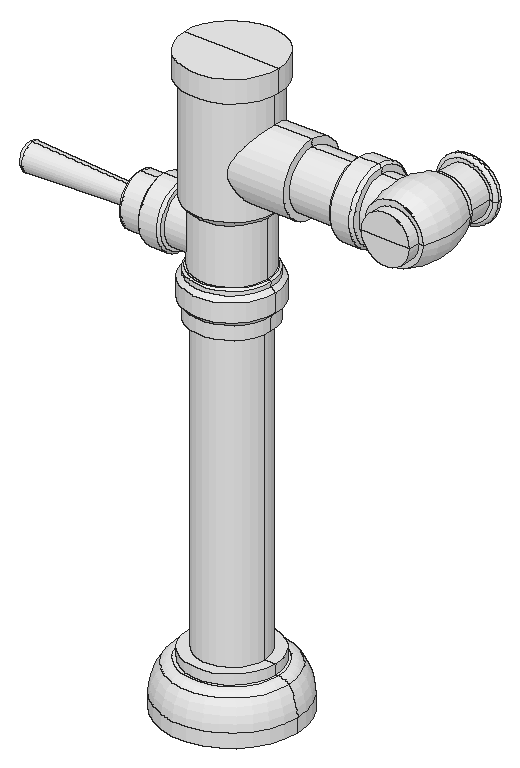
Revit family "Flush_Valve-Toilet-American_Standard-Ultima-6047_Series", category Plumbing Fixtures, Revit 2019
Family settings
  Round Connector Dimension = Use Radius
  Part Type = Normal
  OmniClass Number = 23.65.70.00
  OmniClass Title = Terminals for Supplied Liquids and Gases
  Work Plane-Based = Yes
  Always vertical = No
  Cut with Voids When Loaded = No
  Shared = Yes
  Room Calculation Point = No
Parameters (values of type "6047111.002")
  Width = 5 1/4"  # constant formula
  Waste Connection = no
  Warranty Information = "1 Year Limited Warranty"
  WFU = 5  # constant formula
  Vent Connection = no
  Valve to Wall Distance Constraint = 1 1/2"
  Valve to Wall Distance = if(Valve to Wall Distance Constraint < 1 1/2", 1 1/2", if(Valve to Wall Distance Constraint > 5", 5", Valve to Wall Distance Constraint))  # 1 1/2"
  URL = "http://www.americanstandard-us.com/"
  Type Comments = "Flush Valve for 11-1/2\" Supply C\\L to top of bowl, 1.1 gpf / 4.2 Lpf"
  Revised Date = "03/21/2022"  # constant formula
  Product Page URL = "https://www.americanstandard-us.com/Manual-Flush-Valves-Sanitary-Systems/Ultima-Manual-Toilet-Flush-Valve-Piston-Type-11-gpf-42-Lpf/CHROME-6047111002"
  Product Documentation Link = "https://americanstandard.box.com/shared/static/pgivi216pufsti20l4s3t0vgxcwu23tn.pdf"
  Price = "Prices may vary. Please consult Manufacturer Representative for most up-to-date price list."  # constant formula
  Operating Pressure = "25 psi (flowing)-80 psi (static)"  # constant formula
  Model = "6047111.002"
  Material = "Metal-American Standard-002-Polished Chrome"
  Manufacturer = "American Standard"
  Length = 3"  # constant formula
  Installation Type = "Surface Mounted"
  IAPMO Compliance = "ANSI/ASME A112.19.2,  ASSE 1037, Watersense"
  Height = 13 1/2"  # constant formula
  HWFU = 0  # constant formula
  HW Connection = no
  Flush Rate = "1.1 gpf / 4.2 Lpf"
  Flow Rates = "25gpm (94.6 L/min.)"  # constant formula
  Finish = Metal-American Standard-002-Polished Chrome
  Description = "Ultima™ Manual Toilet Flush Valve, Piston-Type, 1.1 gpf/4.2 Lpf"
  Default Elevation = 0"
  Creation Date = "04/16/2014"  # constant formula
  Cold Water Connection Width Constraint = 4 1/4"
  Cold Water Connection Width = if(Cold Water Connection Width Constraint < 4 1/4", 4 1/4", if(Cold Water Connection Width Constraint > 5 1/4", 5 1/4", Cold Water Connection Width Constraint))  # 4 1/4"
  Cold Water Connection Radius = 1/2"
  Cold Water Connection Height = 11 1/2"
  Cold Water Connection Diameter = Cold Water Connection Radius * 2  # 1"
  CalGreen Compliant = yes
  CWFU = 5  # constant formula
  CW Connection = yes
  Assembly Code = "D2020300"
  ADA Compliant = yes
Types (4): name | Type Comments | Product Page URL | Model | IAPMO Compliance | Flush Rate | Description
  (no name) | "Flush Valve for 11-1/2\" Supply C\\L to top of bowl, 1.1 gpf / 4.2 Lpf" | "https://www.americanstandard-us.com/Manual-Flush-Valves-Sanitary-Systems/Ultima-Manual-Toilet-Flush-Valve-Piston-Type-11-gpf-42-Lpf/CHROME-6047111002" | "6047111.002" | "ANSI/ASME A112.19.2,  ASSE 1037, Watersense" | "1.1 gpf / 4.2 Lpf" | "Ultima™ Manual Toilet Flush Valve, Piston-Type, 1.1 gpf/4.2 Lpf"
  6047161.002 | "Flush Valve for 11-1/2\" Supply C\\L to top of bowl, 1.6 gpf / 6.0 Lpf" | "https://www.americanstandard-us.com/Manual-Flush-Valves-Sanitary-Systems/Ultima-Manual-Toilet-Flush-Valve-Piston-Type-16-gpf-60-Lpf/CHROME-6047161002" | "6047161.002" | "ANSI/ASME A112.19.2,  ASSE 1037" | "1.6 gpf / 6.0 Lpf" | "Exposed Manual Top Spud Toilet 1.6 gpf Flush Valve for 11-1/2\" Supply C\\L to top of bowl"
  6047121.002 | "Flush Valve for 11-1/2\" Supply C\\L to top of bowl, 1.28 gpf / 4.8 Lpf\r\nfor most plumbing fixtures." | "https://www.americanstandard-us.com/Manual-Flush-Valves-Sanitary-Systems/Ultima-Manual-Toilet-Flush-Valve-Piston-Type-128-gpf-48-Lpf/CHROME-6047121002" | "6047121.002" | "ANSI/ASME A112.19.2,  ASSE 1037, Watersense" | "1.28 gpf / 4.8 Lpf" | "Exposed Manual Top Spud Toilet 1.28 gpf Flush Valve for 11-1/2\" Supply C\\L to top of bowl 1.28gpf"
  6047111.002 | "Flush Valve for 11-1/2\" Supply C\\L to top of bowl, 1.1 gpf / 4.2 Lpf" | "https://www.americanstandard-us.com/Manual-Flush-Valves-Sanitary-Systems/Ultima-Manual-Toilet-Flush-Valve-Piston-Type-11-gpf-42-Lpf/CHROME-6047111002" | "6047111.002" | "ANSI/ASME A112.19.2,  ASSE 1037, Watersense" | "1.1 gpf / 4.2 Lpf" | "Ultima™ Manual Toilet Flush Valve, Piston-Type, 1.1 gpf/4.2 Lpf"
Reference planes (in)
  plane 1 "Center (Front/Back)": y = -1.78125
  plane 2: z = 0
  plane 3 "Center (Left/Right)": x = 0
  plane 4 "Valve Height": z = 11.5
  plane 5 "Right": x = 4.25
  plane 6 "Finished Floor": y = -0.28125
  plane 7: x = -0.75
  plane 8: x = 0.75
  plane 9: z = 13.5
  plane 10: z = 9.70145
  plane 11: y = -2.68871
  plane 12: y = -2.43871
  plane 13: y = -1.12377
  plane 14: y = -0.98791
  plane 15: y = -3.28125
Forms (in)
  Revolve 1, solid, material "Metal-American Standard-002-Polished Chrome" <- "Finish"
    sketch origin (0, -1.78125, 0) x (1, 0, 0) y (0, 0, -1)
      loop
        line (0, 0) -> (0, -13.5) -> (1.08292, -13.5) -> (1.08292, -13) -> (0.97283, -13) -> (0.97283, -10.5) -> (0.82145, -10.34862) -> (0.82145, -9.08963) -> (0.85876, -9.08963) -> (0.90102, -9.04737) -> (0.90102, -8.95458) -> (0.99883, -8.85677) -> (0.99883, -8.44579) -> (0.90102, -8.34797) -> (0.90102, -8.04002) -> (0.75, -8.04002) -> (0.75, -1.24313) -> (1, -1.24313) -> (1, -1.02729) -> (1.07406, -1.02729)
        arc (1.07406, -1.02729) -> (1.20004, -0.99743) -> (1.29923, -0.91423) r 0.28075
        arc (1.29923, -0.91423) -> (1.4485, -0.62758) -> (1.5, -0.30853) r 1.01405
        line (1.5, -0.30853) -> (1.5, 0) -> (0, 0)
      axis (0, 0) -> (0, -13.5)
    angle from 0 to 360
  Revolve 2, solid, material "Metal-American Standard-002-Polished Chrome" <- "Finish"
    sketch origin (0.0625, -1.78125, -0.19912) x (1, 0, 0) y (0, 0, -1)
      loop
        line (-0.0625, -9.90057) -> (-4.72348, -9.90057) -> (-4.72348, -10.11955)
        arc (-4.72348, -10.11955) -> (-4.6954, -10.18544) -> (-4.62842, -10.21082) r 0.09135
        line (-4.62842, -10.21082) -> (-2.3371, -10.11781)
        arc (-2.3371, -10.11781) -> (-2.26995, -10.1828) -> (-2.18898, -10.22943) r 0.38013
        line (-2.18898, -10.22943) -> (-2.18898, -10.44559)
        arc (-2.18898, -10.44559) -> (-2.17564, -10.4778) -> (-2.14343, -10.49114) r 0.04555
        line (-2.14343, -10.49114) -> (-1.66905, -10.49114) -> (-1.66905, -10.56986) -> (-1.6157, -10.62321) -> (-1.20908, -10.62321) -> (-1.15574, -10.56986) -> (-1.15574, -10.49114) -> (-0.0625, -10.49114) -> (-0.0625, -9.90057)
      axis (-0.0625, -9.90057) -> (-4.72348, -9.90057)
    angle from 0 to 360
  Revolve 3, solid, material "Metal-American Standard-002-Polished Chrome" <- "Finish"
    sketch origin (0, -1.78125, -0.15234) x (1, 0, 0) y (0, 0, -1)
      loop
        line (0, -11.65271) -> (0, -12.46307) -> (1.83474, -12.46307) -> (1.83474, -12.31047) -> (2.86963, -12.31047) -> (2.86963, -12.43567) -> (2.93984, -12.49671) -> (3.35496, -12.49671) -> (3.42517, -12.43567) -> (3.42517, -12.31047) -> (4.25, -12.31047) -> (4.25, -11.65271) -> (0, -11.65271)
      axis (0, -11.65271) -> (4.25, -11.65271)
    angle from 0 to 360
  Revolve 4, solid, material "Metal-American Standard-002-Polished Chrome" <- "Finish"
    sketch origin (0, 0, 11.5) x (-1, 0, 0) y (0, -1, 0)
      loop
        line (-4.25, 0.28125) -> (-4.25, 2.68871) -> (-4.79927, 2.68871) -> (-4.79927, 2.43871) -> (-4.92427, 2.43871)
        arc (-4.92427, 2.43871) -> (-5.05347, 1.78124) -> (-4.92426, 1.12377) r 1.73737
        line (-4.92426, 1.12377) -> (-4.86177, 1.12377) -> (-4.86177, 0.98791) -> (-4.79927, 0.98791) -> (-4.79927, 0.40625) -> (-4.88555, 0.40625)
        arc (-4.88555, 0.40625) -> (-4.9379, 0.38457) -> (-4.95958, 0.33222) r 0.07403
        line (-4.95958, 0.33222) -> (-4.95958, 0.28125) -> (-4.25, 0.28125)
      axis (-4.25, 0.28125) -> (-4.25, 2.68871)
    angle from 0 to 360
Cuts and joins
  joined: Revolve 1, Revolve 2, Revolve 3
Lines and regions (in)
  Masking region 1
    outline origin (0, 0, 0) x (1, 0, 0) y (0, 1, 0)
      loop
        line (4.95958, -0.28125) -> (3.54042, -0.28125) -> (3.54042, -0.33267)
        arc (3.54042, -0.33267) -> (3.56197, -0.3847) -> (3.614, -0.40625) r 0.07358
        line (3.614, -0.40625) -> (3.70073, -0.40625) -> (3.70073, -0.98791) -> (3.63823, -0.98791) -> (3.63823, -1.12377) -> (3.42517, -1.12377) -> (3.42517, -0.99829) -> (3.35496, -0.93725) -> (2.93984, -0.93725) -> (2.86963, -0.99829) -> (2.86963, -1.12349) -> (1.83474, -1.12349) -> (1.83474, -0.97089) -> (1.26227, -0.97089)
        arc (1.26227, -0.97089) -> (-0.05104, -0.28212) -> (-1.31446, -1.05861) r 1.5
        line (-1.31446, -1.05861) -> (-1.5532, -1.05861) -> (-1.60655, -1.11196) -> (-1.60655, -1.18951) -> (-2.07417, -1.18951)
        arc (-2.07417, -1.18951) -> (-2.11116, -1.20483) -> (-2.12648, -1.24181) r 0.05231
        line (-2.12648, -1.24181) -> (-2.12648, -1.45239)
        arc (-2.12648, -1.45239) -> (-2.20841, -1.49776) -> (-2.2746, -1.56401) r 0.33543
        line (-2.2746, -1.56401) -> (-4.56284, -1.47135)
        arc (-4.56284, -1.47135) -> (-4.63245, -1.49774) -> (-4.66163, -1.56622) r 0.09495
        line (-4.66163, -1.56622) -> (-4.66163, -1.99628)
        arc (-4.66163, -1.99628) -> (-4.63245, -2.06476) -> (-4.56284, -2.09115) r 0.09495
        line (-4.56284, -2.09115) -> (-2.2746, -1.99849)
        arc (-2.2746, -1.99849) -> (-2.20841, -2.06474) -> (-2.12648, -2.11011) r 0.33543
        line (-2.12648, -2.11011) -> (-2.12648, -2.32246)
        arc (-2.12648, -2.32246) -> (-2.11202, -2.35736) -> (-2.07712, -2.37182) r 0.04936
        line (-2.07712, -2.37182) -> (-1.60655, -2.37182) -> (-1.60655, -2.45054) -> (-1.5532, -2.50389) -> (-1.31446, -2.50389)
        arc (-1.31446, -2.50389) -> (-0.05104, -3.28038) -> (1.26227, -2.59161) r 1.5
        line (1.26227, -2.59161) -> (1.83474, -2.59161) -> (1.83474, -2.43905) -> (2.86963, -2.43905) -> (2.86963, -2.56421) -> (2.93984, -2.62525) -> (3.35496, -2.62525) -> (3.42517, -2.56421) -> (3.42517, -2.43871) -> (3.70073, -2.43871) -> (3.70073, -2.68871) -> (4.79927, -2.68871) -> (4.79927, -2.43871) -> (4.92426, -2.43871)
        arc (4.92426, -2.43871) -> (5.05329, -1.78124) -> (4.92426, -1.12377) r 1.73958
        line (4.92426, -1.12377) -> (4.86177, -1.12377) -> (4.86177, -0.98791) -> (4.79927, -0.98791) -> (4.79927, -0.40625) -> (4.886, -0.40625)
        arc (4.886, -0.40625) -> (4.93803, -0.3847) -> (4.95958, -0.33267) r 0.07358
        line (4.95958, -0.33267) -> (4.95958, -0.28125)
  symbolic lines, style "PlumbingFixtures", detail levels medium+fine
    curve 1: circle (0, -1.78125, 0) r 1.08292 normal (0, 0, -1)
    curve 2: line (-1.09324, -1.11196, 0) -> (-1.09324, -1.19606, 0)
    curve 3: line (-0.91119, -1.19606, 0) -> (-1.09324, -1.19606, 0)
    curve 4: line (-1.14658, -1.05861, 0) -> (-1.09324, -1.11196, 0)
    curve 5: line (-0.90763, -2.37195, 0) -> (-1.09324, -2.37195, 0)
    curve 6: line (-1.09324, -2.45054, 0) -> (-1.14658, -2.50389, 0)
    curve 7: line (1.26227, -0.97089, 0) -> (0.71835, -0.97089, 0)
    curve 8: line (1.26227, -2.59161, 0) -> (0.71835, -2.59161, 0)
    curve 14: line (-1.09324, -1.19606, 0) -> (-1.09324, -2.37195, 0)
    curve 15: line (-1.09324, -2.37195, 0) -> (-1.09324, -2.45054, 0)
    curve 17: line (-1.31446, -2.50389, 0) -> (-1.14658, -2.50389, 0)
    curve 18: line (-1.31446, -1.05861, 0) -> (-1.14658, -1.05861, 0)
    curve 19: line (1.83474, -2.43905, 0) -> (1.83474, -1.12345, 0)
  symbolic lines, style "PlumbingFixtures", detail levels fine
    curve 9: arc (-0.54419, -1.78125, 0) -> (0, -1.23706, 0) -> (0.54419, -1.78125, 0) r 0.54419
    curve 10: arc (0.54419, -1.78125, 0) -> (0, -2.32544, 0) -> (-0.54419, -1.78125, 0) r 0.54419
    curve 11: line (3.42517, -2.43871, 0) -> (3.42517, -1.12377, 0)
    curve 12: line (2.86963, -2.43905, 0) -> (2.86963, -1.12345, 0)
    curve 13: line (-1.60655, -2.37299, 0) -> (-1.60655, -1.18951, 0)
    curve 16: line (-2.12648, -2.10221, 0) -> (-2.12648, -1.46029, 0)
  symbolic lines, detail levels medium+fine
    curve 20: line (3.63823, -1.12377, 0) -> (4.86177, -1.12377, 0)
    curve 23: line (3.70073, -2.43871, 0) -> (4.79927, -2.43871, 0)
    curve 26: line (-2.2746, -1.56401, 0) -> (-2.2746, -1.99849, 0)
  symbolic lines, detail levels fine
    curve 21: line (3.70073, -0.98791, 0) -> (4.79927, -0.98791, 0)
    curve 22: line (3.70073, -0.40625, 0) -> (4.79927, -0.40625, 0)
    curve 24: line (2.93984, -0.93725, 0) -> (2.93984, -2.62525, 0)
    curve 25: line (3.35496, -0.93725, 0) -> (3.35496, -2.62525, 0)
Dimensions and locks (in)
  "Cold Water Connection Height": plane 4 "Valve Height" to plane 2
  "Cold Water Connection Width": plane 5 "Right" to plane 3 "Center (Left/Right)"
  Revolve 3 sketch curve to Revolve 3 sketch curve to Revolve 3 sketch curve to Revolve 3 sketch curve to Revolve 3 sketch curve to plane 3 "Center (Left/Right)" = 0.07021" locked, 0.41512" locked, 0.07021" locked, 1.03489" locked, 1.83474" locked
  locked: Revolve 1 sketch curve to level at 13.5
  Revolve 1 sketch curve to Revolve 1 sketch curve to Revolve 1 sketch curve to Revolve 1 sketch curve to level = 0.21585" locked, 0.28075" locked, 0.43801" locked, 0.30853" locked
  "Height": plane 9 to level
  Revolve 2 sketch curve to Revolve 2 sketch curve to Revolve 2 sketch curve to Revolve 2 sketch curve to Revolve 2 sketch curve to Revolve 2 sketch curve to Revolve 2 sketch curve to Revolve 2 sketch curve to Revolve 2 sketch curve to Revolve 2 sketch curve to Revolve 2 sketch curve to Revolve 2 sketch curve to Revolve 2 sketch curve to plane 10 = 0" locked, 0.05334" locked, 0" locked, 0.07872" locked, 0" locked, 0" locked, 0" locked, 0.04555" locked, 0.21616" locked, 0.01861" locked, 0.09127" locked, 0.00174" locked, 0.21724" locked
  locked: plane 9 to plane 10 at 3.79855
  "Valve to Wall Distance": plane 6 "Finished Floor" to plane 1 "Center (Front/Back)"
  Revolve 4 sketch curve to Revolve 4 sketch curve to plane 6 "Finished Floor" = 0.07403" locked, 0.05097" locked
  plane 12 to plane 11 = 1/4"
  plane 6 "Finished Floor" to plane 15 = 3"
  aligned and locked: plane 5 "Right" to Revolve 3 sketch curve
  aligned and locked: Revolve 3 sketch curve to plane 3 "Center (Left/Right)"
  aligned and locked: plane 9 to cut or joined group of Revolve 1, Revolve 2, Revolve 3
  aligned and locked: plane 10 to Revolve 2 sketch curve
  aligned and locked: Revolve 2 sketch curve to plane 3 "Center (Left/Right)"
  aligned and locked: plane 6 "Finished Floor" to Revolve 4 sketch curve
  aligned and locked: plane 13 to Revolve 4 sketch curve
  aligned and locked: plane 12 to Revolve 4 sketch curve
  aligned and locked: plane 11 to Revolve 4 sketch curve
  aligned and locked: plane 1 "Center (Front/Back)" to Revolve 4 sketch curve
  aligned and locked: plane 14 to Revolve 4 sketch curve
  aligned and locked: Revolve 4 sketch curve to plane 5 "Right"
Automatic sketch dimensions
  plane 4 "Valve Height" to Revolve 3 sketch curve = 0.00037"  (x2)
  Revolve 3 sketch curve to Revolve 3 sketch curve = 1/4"
  Revolve 3 sketch curve to Revolve 3 sketch curve = 159/256"
  plane 4 "Valve Height" to Revolve 3 sketch curve = 0.84436"
  Revolve 3 sketch curve to Revolve 3 sketch curve = 0.81036"
  Revolve 3 sketch curve to Revolve 3 sketch curve = 0.06103"  (x2)
  Revolve 3 sketch curve to Revolve 3 sketch curve = 0.65776"
  Revolve 3 sketch curve to Revolve 3 sketch curve = 0.12521"
  Revolve 1 sketch curve to level = 0"  (x2)
  Revolve 1 sketch curve to plane 3 "Center (Left/Right)" = 0"  (x2)
  Revolve 1 sketch curve to plane 8 = 0"
  plane 8 to Revolve 1 sketch curve = 0.07145"
  Revolve 1 sketch curve to Revolve 1 sketch curve = 0.03731"
  Revolve 1 sketch curve to Revolve 1 sketch curve = 0.04226"  (x2)
  plane 8 to Revolve 1 sketch curve = 0.15102"
  Revolve 1 sketch curve to Revolve 1 sketch curve = 0.15138"  (x2)
  Revolve 1 sketch curve to Revolve 1 sketch curve = 0.09781"  (x3)
  plane 8 to Revolve 1 sketch curve = 1/4"
  Revolve 1 sketch curve to Revolve 1 sketch curve = 0.07406"
  Revolve 1 sketch curve to Revolve 1 sketch curve = 0.11009"
  Revolve 1 sketch curve to Revolve 1 sketch curve = 0.22517"
  Revolve 1 sketch curve to Revolve 1 sketch curve = 0"
  Revolve 1 sketch curve to Revolve 1 sketch curve = 0.44147"
  plane 9 to Revolve 1 sketch curve = 1/2"
  Revolve 1 sketch curve to plane 4 "Valve Height" = 1"
  Revolve 1 sketch curve to Revolve 1 sketch curve = 1.25899"
  Revolve 1 sketch curve to Revolve 1 sketch curve = 0.09279"
  Revolve 1 sketch curve to Revolve 1 sketch curve = 0.41098"
  Revolve 1 sketch curve to Revolve 1 sketch curve = 0.30795"
  Revolve 2 sketch curve to plane 10 = 0"
  plane 7 to Revolve 2 sketch curve = 0.34324"
  Revolve 2 sketch curve to Revolve 2 sketch curve = 0.05334"  (x2)
  Revolve 2 sketch curve to Revolve 2 sketch curve = 0.40662"
  Revolve 2 sketch curve to plane 10 = 0.02136"
  Revolve 2 sketch curve to Revolve 2 sketch curve = 0.37214"
  Revolve 2 sketch curve to Revolve 2 sketch curve = 0.47438"
  Revolve 2 sketch curve to Revolve 2 sketch curve = 2.29132"
  Revolve 2 sketch curve to Revolve 2 sketch curve = 0.0037"
  plane 7 to Revolve 2 sketch curve = 0.12057"
  Revolve 2 sketch curve to Revolve 2 sketch curve = 0.45879"
  Revolve 4 sketch curve to plane 11 = 0"
  plane 6 "Finished Floor" to Revolve 4 sketch curve = 0"
  plane 1 "Center (Front/Back)" to Revolve 4 sketch curve = 0"
  plane 5 "Right" to Revolve 4 sketch curve = 0.70958"
  plane 5 "Right" to Revolve 4 sketch curve = 0.67427"
  Revolve 4 sketch curve to Revolve 4 sketch curve = 1/16"  (x2)
  Revolve 4 sketch curve to Revolve 4 sketch curve = 1/8"
  Revolve 4 sketch curve to plane 5 "Right" = 0.9339"
  Revolve 4 sketch curve to Revolve 4 sketch curve = 0"
  curve 1 to curve 9 = 0"  (x2)
  curve 1 to curve 10 = 0"  (x2)
  curve 9 to curve 10 = 0"  (x2)
  plane 1 "Center (Front/Back)" to curve 9 = 0"
  curve 1 to plane 3 "Center (Left/Right)" = 0"
  plane 7 to curve 4 = 0.34324"
  curve 18 to curve 2 = 0.05334"
  plane 1 "Center (Front/Back)" to curve 5 = 0.5907"
  curve 6 to curve 5 = 0.07859"
  curve 2 to plane 1 "Center (Front/Back)" = 0.58519"
  curve 2 to curve 4 = 0.08411"
  curve 2 to curve 18 = 0.05334"
  curve 10 to plane 7 = 0.20581"
  plane 7 to curve 5 = 0.15763"
  curve 6 to curve 6 = 0.05334"  (x2)
  curve 17 to curve 6 = 0"
  curve 17 to curve 6 = 0.16788"
  curve 18 to curve 4 = 0.16788"
  curve 13 to curve 17 = 0.29209"
  curve 16 to curve 13 = 0.51993"
  curve 26 to curve 16 = 0.14813"
  curve 7 to plane 8 = 0.03165"
  curve 8 to plane 8 = 0.03165"
  plane 8 to curve 8 = 0.51227"
  plane 8 to curve 7 = 0.51227"
  curve 7 to curve 19 = 0.57248"
  curve 19 to curve 12 = 1.03489"
  curve 12 to curve 24 = 0.07021"
  curve 24 to curve 25 = 0.41512"
  curve 25 to curve 11 = 0.07021"
  curve 20 to plane 5 "Right" = 0.61177"
  plane 6 "Finished Floor" to curve 22 = 1/8"
  curve 22 to plane 5 "Right" = 0.54927"
  curve 20 to curve 21 = 1/16"
  curve 23 to plane 5 "Right" = 0.54927"
  plane 5 "Right" to curve 21 = 0.54927"
  plane 5 "Right" to curve 23 = 0.54927"
  plane 5 "Right" to curve 22 = 0.54927"
  curve 21 to curve 20 = 1/16"
  plane 1 "Center (Front/Back)" to curve 26 = 0.21724"
  curve 16 to curve 26 = 0.10372"
  curve 13 to curve 5 = 0.00104"
  plane 1 "Center (Front/Back)" to curve 23 = 0.65746"
  plane 1 "Center (Front/Back)" to curve 11 = 0.65746"
  curve 8 to curve 19 = 0.15256"
  curve 12 to curve 11 = 0.00034"
  curve 24 to curve 12 = 0.1862"
  curve 25 to curve 11 = 0.18653"
  curve 26 to plane 1 "Center (Front/Back)" = 0.21724"
  curve 26 to curve 16 = 0.10372"
  curve 13 to curve 18 = 0.13089"
  curve 20 to plane 1 "Center (Front/Back)" = 0.65748"
  curve 11 to plane 1 "Center (Front/Back)" = 0.65748"
  curve 11 to curve 12 = 0.00032"
  curve 19 to curve 7 = 0.15256"
  curve 20 to curve 21 = 0.13586"
  curve 11 to curve 25 = 0.18652"
  curve 12 to curve 24 = 0.1862"
  Masking region 1 sketch curve to Masking region 1 sketch curve = 0"  (x4)
  plane 1 "Center (Front/Back)" to Masking region 1 sketch curve = 0"
  Masking region 1 sketch curve to plane 3 "Center (Left/Right)" = 0"
  plane 6 "Finished Floor" to Masking region 1 sketch curve = 0"
  plane 7 to Masking region 1 sketch curve = 0.56446"  (x2)
  Masking region 1 sketch curve to Masking region 1 sketch curve = 0.23874"  (x2)
  Masking region 1 sketch curve to Masking region 1 sketch curve = 0.05334"  (x4)
  Masking region 1 sketch curve to plane 1 "Center (Front/Back)" = 1/64"
  Masking region 1 sketch curve to Masking region 1 sketch curve = 0.39999"
  Masking region 1 sketch curve to Masking region 1 sketch curve = 0.52097"
  Masking region 1 sketch curve to Masking region 1 sketch curve = 0.47057"
  Masking region 1 sketch curve to Masking region 1 sketch curve = 0.04936"
  Masking region 1 sketch curve to Masking region 1 sketch curve = 0.05231"
  Masking region 1 sketch curve to plane 1 "Center (Front/Back)" = 0.21724"
  Masking region 1 sketch curve to Masking region 1 sketch curve = 0.14813"  (x2)
  plane 1 "Center (Front/Back)" to Masking region 1 sketch curve = 0.21724"
  Masking region 1 sketch curve to plane 1 "Center (Front/Back)" = 0.3099"
  Masking region 1 sketch curve to Masking region 1 sketch curve = 2.28824"
  plane 1 "Center (Front/Back)" to Masking region 1 sketch curve = 0.3099"
  Masking region 1 sketch curve to Masking region 1 sketch curve = 0.00384"  (x2)
  Masking region 1 sketch curve to Masking region 1 sketch curve = 0.09495"
  plane 8 to Masking region 1 sketch curve = 0.51227"  (x2)
  Masking region 1 sketch curve to Masking region 1 sketch curve = 0.57248"  (x2)
  Masking region 1 sketch curve to Masking region 1 sketch curve = 1.03489"  (x2)
  Masking region 1 sketch curve to Masking region 1 sketch curve = 0.07021"  (x4)
  Masking region 1 sketch curve to plane 1 "Center (Front/Back)" = 0.844"
  Masking region 1 sketch curve to Masking region 1 sketch curve = 0.41512"  (x2)
  Masking region 1 sketch curve to plane 1 "Center (Front/Back)" = 0"
  Masking region 1 sketch curve to plane 5 "Right" = 0.93628"
  Masking region 1 sketch curve to plane 5 "Right" = 0.70958"
  Masking region 1 sketch curve to Masking region 1 sketch curve = 0.07358"
  Masking region 1 sketch curve to plane 5 "Right" = 0.61177"
  Masking region 1 sketch curve to Masking region 1 sketch curve = 0.08674"  (x2)
  Masking region 1 sketch curve to plane 5 "Right" = 0.54927"
  plane 6 "Finished Floor" to Masking region 1 sketch curve = 1/8"  (x2)
  plane 5 "Right" to Masking region 1 sketch curve = 0.54927"  (x2)
  Masking region 1 sketch curve to Masking region 1 sketch curve = 1/16"  (x2)
  plane 6 "Finished Floor" to Masking region 1 sketch curve = 0.05142"
  Masking region 1 sketch curve to Masking region 1 sketch curve = 1/8"
  Masking region 1 sketch curve to Masking region 1 sketch curve = 0.11162"
  Masking region 1 sketch curve to Masking region 1 sketch curve = 0.21235"
  plane 1 "Center (Front/Back)" to Masking region 1 sketch curve = 0.65746"  (x2)
  plane 1 "Center (Front/Back)" to Masking region 1 sketch curve = 0.6578"
  Masking region 1 sketch curve to Masking region 1 sketch curve = 0.07872"
  Masking region 1 sketch curve to Masking region 1 sketch curve = 0.1255"
  Masking region 1 sketch curve to Masking region 1 sketch curve = 0.12516"
  Masking region 1 sketch curve to Masking region 1 sketch curve = 0.06103"  (x3)
  Masking region 1 sketch curve to Masking region 1 sketch curve = 1/4"
  Masking region 1 sketch curve to Masking region 1 sketch curve = 0.21057"
  Masking region 1 sketch curve to Masking region 1 sketch curve = 0.18652"
  Masking region 1 sketch curve to plane 1 "Center (Front/Back)" = 0.65776"
  Masking region 1 sketch curve to Masking region 1 sketch curve = 0.13089"
  Masking region 1 sketch curve to Masking region 1 sketch curve = 0.13586"  (x2)
Connectors (in)
  piping at (4.25, -0.28125, 11.5), diameter 1, driven by "Cold Water Connection Radius", driven by "CWFU"
    settings: on Revolve 4, index 1, connector inside diameter 24", connector length 0", flow factor 0, pipe flow 0 GPM, pressure drop 0.00 psi, fitting loss kfactor 0, connector angle 0.00°, fixture units 5, engagement length 0", angle of deflection 0.00°, flow configuration 3, flow direction 1, fitting loss method 0, system type 20, joint type 0, gender type 0, connector reference index -1, connector utility 0, adjustable connector no, is connector primary yes, connector description "1\" IPS Cold Water Inlet"
